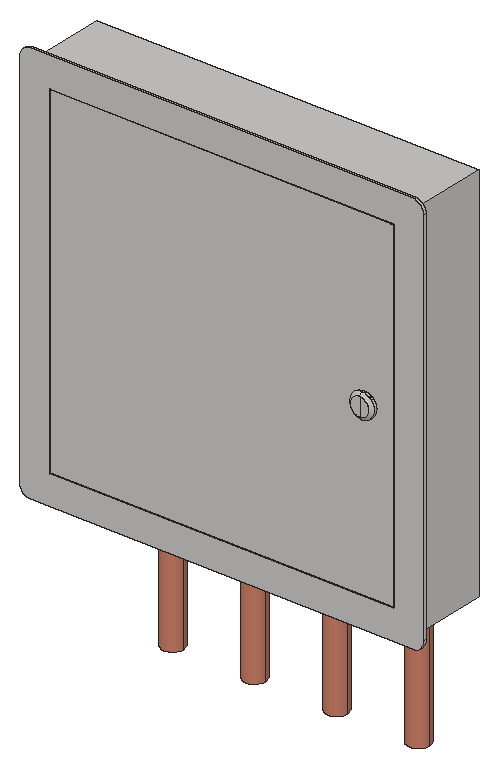
Revit family "Caroma TMV20 Bottom Inlet Bypass Hinged", category Pipe Accessories, Revit 2014
Parameters (values of type "Bottom Inlet")
  Width_ANZRS = 75 mm  # constant formula
  URL = "http://specify.caroma.com.au/"
  Type Comments = "Adjustable Temperature range 35-50°, Dynamic Working Pressure 20-500kPa, Maximum 1000kPa Inlet Pressure, Maximum Ratio 10:1"  # constant formula
  Top Inlet = no
  Side2Flow_ANZRS = 0.7 L/s  # constant formula
  PlumbingMaterial_ANZRS = Metal-Copper-Satin
  ModifiedIssue_ANZRS = 20150421.01  # constant formula
  Model = if(Top Inlet, "BTMV20-008", "BTMV20-007")  # "BTMV20-007"
  Material_ANZRS = Metal-Stainless Steel-Brushed
  Manufacturer = "GWA Bathrooms & Kitchens"  # constant formula
  Length_ANZRS = 370 mm  # constant formula
  K Coefficient = 0
  Height_ANZRS = 370 mm  # constant formula
  End2 Pos = if(Top Inlet, 0 mm, 572 mm)  # 572 mm
  End1 pos = if(Top Inlet, 111 mm, 461 mm)  # 461 mm
  Description = "Thermostatic Mixing Valve in Stainless Steel Enclosure (Hinged Door)"  # constant formula
  CreatedBy_ANZRS = "Design Content"  # constant formula
  CreatedByURL_ANZRS = "http://www.designcontent.com.au"
  Assembly Code = "D2090800"
  Angle = if(Top Inlet, 270.00°, 90.00°)  # 90.00°
Types (3, lengths in mm): name | Top Inlet | Model | End2 Pos | End1 pos | Angle
  (no name) | no | "BTMV20-007" | 572 | 461 | 90.00°
  Bottom Inlet | no | "BTMV20-007" | 572 | 461 | 90.00°
  Top Inlet | yes | "BTMV20-008" | 0 | 111 | 270.00°
Reference planes
  plane 1 "Center (Front/Back)": y = 0
  plane 2: z = 0
  plane 3 "Center (Left/Right)": x = 0
  plane 4 "Left": x = -185
  plane 5 "Right": x = 185
  plane 6 "Back": y = 37.5
  plane 7 "Front": y = -37.5
  plane 8 "Top": z = 185
  plane 9 "Bottom": z = -185
  plane 10 "End1": z = -286
  plane 11 "End2": z = -175
  plane 12 "Offset Calc": z = 286
  plane 13: x = 130
Forms (mm)
  Extrusion 1, solid, material "Metal-Stainless Steel-Brushed" <- "Material_ANZRS", detail levels fine
    sketch origin (0, 0, 0) x (1, 0, 0) y (0, 0, 1)
      loop
        line (-175, 175) -> (-175, -175) -> (175, -175) -> (175, 175) -> (-175, 175)
    from -37.5 to 35.5
  Extrusion 2, solid, material "Metal-Stainless Steel-Brushed" <- "Material_ANZRS", detail levels fine
    sketch origin (2000, -37.5, 1200) x (1, 0, 0) y (0, 0, 1)
      loop
        arc (-2175, -1015) -> (-2182.071, -1017.929) -> (-2185, -1025) r 10
        line (-2185, -1025) -> (-2185, -1375)
        arc (-2185, -1375) -> (-2182.071, -1382.071) -> (-2175, -1385) r 10
        line (-2175, -1385) -> (-1825, -1385)
        arc (-1825, -1385) -> (-1817.929, -1382.071) -> (-1815, -1375) r 10
        line (-1815, -1375) -> (-1815, -1025)
        arc (-1815, -1025) -> (-1817.929, -1017.929) -> (-1825, -1015) r 10
        line (-1825, -1015) -> (-2175, -1015)
      loop
        line (-1842, -1042) -> (-2158, -1042) -> (-2158, -1358) -> (-1842, -1358) -> (-1842, -1042)
      loop
        line (-1843, -1043) -> (-2157, -1043) -> (-2157, -1357) -> (-1843, -1357) -> (-1843, -1043)
    from 0 to -2
  Revolve 3, solid, material "Metal-Stainless Steel-Brushed" <- "Material_ANZRS", detail levels fine
    sketch origin (130, -1524, -64.965) x (0, 0, 1) y (0, -1, 0)
      loop
        line (64.965, -1481.5) -> (64.965, -1486.5) -> (76.399, -1486.5) -> (76.399, -1484.5) -> (73.399, -1481.5) -> (64.965, -1481.5)
      axis (64.965, -1481.5) -> (64.965, -1486.5)
    angle from 0 to 360
  Extrusion 4, solid, material "Metal-Copper-Satin" <- "PlumbingMaterial_ANZRS", detail levels fine
    sketch origin (-1351.99, -1524, -185) x (-1, 0, 0) y (0, -1, 0)
      loop
        circle (-1351.99, -1524) r 10
    from 10 to -101
  Extrusion 5, solid, material "Metal-Copper-Satin" <- "PlumbingMaterial_ANZRS", detail levels fine
    sketch origin (85, -1524, -175) x (-1, 0, 0) y (0, -1, 0)
      loop
        circle (160, -1524) r 10
    from 0 to -111
  Extrusion 6, solid, material "Metal-Copper-Satin" <- "PlumbingMaterial_ANZRS", detail levels fine
    sketch origin (85, -1524, -175) x (-1, 0, 0) y (0, -1, 0)
      loop
        circle (10, -1524) r 10
    from 0 to -111
  Extrusion 7, solid, material "Metal-Copper-Satin" <- "PlumbingMaterial_ANZRS", detail levels fine
    sketch origin (-1201.99, -1524, -185) x (-1, 0, 0) y (0, -1, 0)
      loop
        circle (-1351.99, -1524) r 10
    from 10 to -101
Cuts and joins
  joined: Extrusion 1, Extrusion 2
Lines and regions (mm)
  model lines, style "Valves", detail levels coarse+medium
    curve 1: line (75, -75, 0) -> (-75, 75, 0)
    curve 2: line (-75, -75, 0) -> (-75, 75, 0)
    curve 3: line (75, -75, 0) -> (75, 75, 0)
    curve 4: line (-75, -75, 0) -> (75, 75, 0)
    curve 5: line (0, 0, 0) -> (0, 150, 0)
    curve 6: line (50, 150, 0) -> (-50, 150, 0)
    curve 7: line (75, 0, -75) -> (-75, 0, 75)
    curve 8: line (-75, 0, -75) -> (-75, 0, 75)
    curve 9: line (75, 0, -75) -> (75, 0, 75)
    curve 10: line (-75, 0, -75) -> (75, 0, 75)
    curve 11: line (0, 0, 0) -> (0, 0, 150)
    curve 12: line (50, 0, 150) -> (-50, 0, 150)
  reference lines, not visible
    curve 13: line (-75, 0, -175) -> (-75, 0, -286)
    curve 14: line (75, 0, -175) -> (75, 0, -286)
Dimensions and locks
  equal spacing: plane 4 "Left", plane 3 "Center (Left/Right)", plane 5 "Right"
  equal spacing: plane 7 "Front", plane 1 "Center (Front/Back)", plane 6 "Back"
  "Width_ANZRS": plane 7 "Front" to plane 6 "Back"
  "Length_ANZRS": plane 4 "Left" to plane 5 "Right"
  equal spacing: plane 8 "Top", level, plane 9 "Bottom"
  "Height_ANZRS": plane 8 "Top" to plane 9 "Bottom"
  locked: Extrusion 1 sketch curve to plane 4 "Left" at 10
  locked: plane 8 "Top" to Extrusion 1 sketch curve at 10
  locked: plane 5 "Right" to Extrusion 1 sketch curve at 10
  locked: Extrusion 1 sketch curve to plane 9 "Bottom" at 10
  locked: curve 12 to level at 150
  curve 10 to curve 8 to level to curve 9 to curve 10 = 0 mm locked, 75 mm locked, 75 mm locked, 0 mm locked
  locked: plane 12 "Offset Calc" to plane 8 "Top" at 101
  "End1 pos": plane 12 "Offset Calc" to plane 11 "End2"
  "End2 Pos": plane 12 "Offset Calc" to plane 10 "End1"
  "End1 pos": plane 12 "Offset Calc" to curve 13
  "End1 pos": plane 12 "Offset Calc" to curve 14
  locked: curve 13 to curve 13 at 111
  locked: curve 14 to curve 14 at 111
  plane 8 "Top" to Extrusion 2 sketch curve to Extrusion 2 sketch curve = 27 mm locked, 1 mm locked
  Extrusion 2 sketch curve to Extrusion 2 sketch curve to plane 9 "Bottom" = 1 mm locked, 27 mm locked
  Extrusion 2 sketch curve to Extrusion 2 sketch curve to plane 4 "Left" = 1 mm locked, 27 mm locked
  plane 5 "Right" to Extrusion 2 sketch curve to Extrusion 2 sketch curve = 27 mm locked, 1 mm locked
  locked: plane 5 "Right" to plane 13 at 55
  radius of Extrusion 2 sketch curve = 10 mm  (x4)
  "Angle": angle curve 14 to plane 11 "End2"
  "Angle": angle plane 11 "End2" to curve 13
  aligned and locked: level to plane 2
  aligned and locked: Extrusion 1 to plane 6 "Back"
  aligned and locked: Extrusion 2 sketch curve to plane 8 "Top"
  aligned and locked: plane 4 "Left" to Extrusion 2 sketch curve
  aligned and locked: plane 9 "Bottom" to Extrusion 2 sketch curve
  aligned and locked: Extrusion 2 sketch curve to plane 5 "Right"
  aligned and locked: plane 11 "End2" to Extrusion 6
  aligned and locked: plane 11 "End2" to Extrusion 5
  aligned and locked: Extrusion 6 to plane 10 "End1"
  aligned and locked: Extrusion 5 to plane 10 "End1"
  aligned and locked: Extrusion 1 to Extrusion 2
Automatic sketch dimensions
  curve 11 to plane 3 "Center (Left/Right)" = 0 mm
  curve 11 to level = 0 mm
  curve 10 to plane 3 "Center (Left/Right)" = 75 mm
  curve 12 to plane 3 "Center (Left/Right)" = 50 mm
  plane 3 "Center (Left/Right)" to curve 12 = 50 mm
  curve 5 to plane 3 "Center (Left/Right)" = 0 mm
  plane 1 "Center (Front/Back)" to curve 5 = 0 mm
  curve 4 to plane 3 "Center (Left/Right)" = 75 mm
  plane 3 "Center (Left/Right)" to curve 4 = 75 mm
  plane 7 "Front" to curve 3 = 37.5 mm
  plane 7 "Front" to curve 2 = 37.5 mm
  curve 4 to plane 6 "Back" = 37.5 mm
  curve 6 to plane 3 "Center (Left/Right)" = 50 mm
  plane 3 "Center (Left/Right)" to curve 6 = 50 mm
  curve 3 to curve 6 = 75 mm
  plane 1 "Center (Front/Back)" to Extrusion 4 sketch curve = 0 mm
  Extrusion 4 sketch curve to plane 3 "Center (Left/Right)" = 0 mm
  plane 1 "Center (Front/Back)" to Extrusion 5 sketch curve = 0 mm
  Extrusion 5 sketch curve to plane 3 "Center (Left/Right)" = 75 mm
  plane 1 "Center (Front/Back)" to Extrusion 6 sketch curve = 0 mm
  plane 3 "Center (Left/Right)" to Extrusion 6 sketch curve = 75 mm
  plane 1 "Center (Front/Back)" to Extrusion 7 sketch curve = 0 mm
  Extrusion 7 sketch curve to plane 5 "Right" = 35 mm
  Revolve 3 sketch curve to plane 7 "Front" = 0 mm  (x2)
  plane 7 "Front" to Revolve 3 sketch curve = 5 mm
  Revolve 3 sketch curve to plane 8 "Top" = 185 mm
  Revolve 3 sketch curve to Revolve 3 sketch curve = 8.434 mm
  Revolve 3 sketch curve to Revolve 3 sketch curve = 3 mm
  Revolve 3 sketch curve to Revolve 3 sketch curve = 2 mm
  Revolve 3 sketch curve to Revolve 3 sketch curve = 0 mm
  Revolve 3 sketch curve to plane 7 "Front" = 13.179 mm
  curve 13 to plane 3 "Center (Left/Right)" = 75 mm
  curve 14 to plane 13 = 55 mm
  radius of Extrusion 4 sketch curve = 10 mm
  radius of Extrusion 5 sketch curve = 10 mm
  radius of Extrusion 6 sketch curve = 10 mm
  radius of Extrusion 7 sketch curve = 10 mm
Connectors
  piping at (0, 0, -286), diameter 20, driven by "K Coefficient", driven by "Side2Flow_ANZRS"
    settings: on Extrusion 4, index 3, connector inside diameter 609.6 mm, connector length 0 mm, flow factor 0, pipe flow 0.7 L/s, pressure drop 0.0 Pa, fitting loss kfactor 0, connector angle 0.00°, fixture units 0, engagement length 0 mm, angle of deflection 0.00°, flow configuration 0, flow direction 2, fitting loss method 2, system type 29, joint type 0, gender type 0, connector reference index 4, connector utility 0, adjustable connector no, is connector primary yes, connector description "Temperate Out"
  piping at (-75, 0, -286), diameter 20
    settings: on curve 13, index 4, connector inside diameter 609.6 mm, connector length 0 mm, flow factor 0, pipe flow 0.0 L/s, pressure drop 0.0 Pa, fitting loss kfactor 0, connector angle 0.00°, fixture units 0, engagement length 0 mm, angle of deflection 0.00°, flow configuration 0, flow direction 1, fitting loss method 0, system type 19, joint type 0, gender type 0, connector reference index 3, connector utility 0, adjustable connector no, is connector primary no, connector description "Hot In"
  piping at (75, 0, -286), diameter 20
    settings: on curve 14, index 5, connector inside diameter 609.6 mm, connector length 0 mm, flow factor 0, pipe flow 0.0 L/s, pressure drop 0.0 Pa, fitting loss kfactor 0, connector angle 0.00°, fixture units 0, engagement length 0 mm, angle of deflection 0.00°, flow configuration 0, flow direction 1, fitting loss method 0, system type 20, joint type 0, gender type 0, connector reference index 6, connector utility 0, adjustable connector no, is connector primary no, connector description "Cold In"
  piping at (150, 0, -286), diameter 20, driven by "K Coefficient", driven by "Side2Flow_ANZRS"
    settings: on Extrusion 7, index 6, connector inside diameter 609.6 mm, connector length 0 mm, flow factor 0, pipe flow 0.7 L/s, pressure drop 0.0 Pa, fitting loss kfactor 0, connector angle 0.00°, fixture units 0, engagement length 0 mm, angle of deflection 0.00°, flow configuration 0, flow direction 2, fitting loss method 2, system type 20, joint type 0, gender type 0, connector reference index 5, connector utility 0, adjustable connector no, is connector primary no, connector description "Cold Out"
